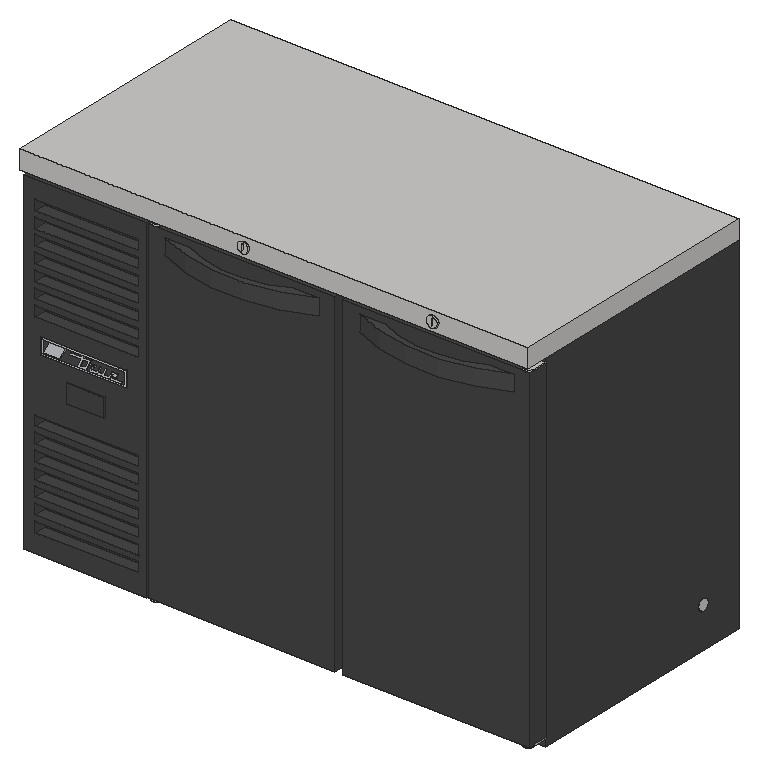
Revit family "QF_TRUE_TBR48-RISZ1-L-B-SS-1", category Specialty Equipment, Revit 2016
Family settings
  Part Type = Normal
  Round Connector Dimension = Use Diameter
  Work Plane-Based = No
  Always vertical = Yes
  Cut with Voids When Loaded = No
  Shared = No
  Room Calculation Point = No
Parameters (values of type "QF_TRUE_TBR48-RISZ1-L-B-SS-1")
  Weight in Pounds = 405
  Watts = if(Phase = 3, Volts * FL Amps * 1.73, Volts * FL Amps)  # 207 W
  Waste Water Discharge Temperature = 0 °F
  Volts = 115 V
  URL Cutsheet = ""
  Steam Supply Volume = 0 GPM
  Steam Supply Size = 0"
  Steam Supply RI Height = 0"
  Steam Supply Minimum Pressure = 0.00 psi
  Steam Supply Maximum Pressure = 0.00 psi
  Steam Supply Connection Height = 0"
  Specification by User = ""
  Specification by Manufacturer = ""
  Show Logo [instance] = yes
  Show Leg Levelers [instance] = no
  Show Clearance [instance] = yes
  Show Standard Unit [instance] = no
  Show Seismic Flange [instance] = no
  Show 6 Inches Legs [instance] = no
  Show 5 Inches Castors [instance] = no
  Show 4 Inches Castors [instance] = no
  Show 3 Inches Castors [instance] = no
  Show 2 Inches Castors [instance] = no
  Show 1 Inch Rollers [instance] = no
  Serial Number = ""
  Seismic Rating = ""
  SMACNA No = ""
  Revision Code = ""
  Plumbing Remarks = ""
  Plumbing Connection Type = ""
  Phase = 1
  Number of Poles = 1
  NAFEM Spec ID Number = ""
  Model = "TBR48-RISZ1-L-B-SS-1"
  Min Ckt Ampacity = 0 A
  Mechanical Remarks = ""
  Mechanical Connection Type = ""
  Max Overcurrent Protection = 0 A
  Masterspec = ""
  Manufacturer = "TRUE"
  Length = 48"
  Item Number = ""
  Installed By = ""
  Indirect Waste Size = 1/2"
  Indirect Waste Flow = 0 GPM
  Indirect Waste Connection Type = ""
  Indirect Waste Connection Height = 0"
  Identify Quantity as Lot = yes
  Height [instance] = if(Show Standard Unit, 34 11/16", if(Show Leg Levelers, 34 15/16", if(Show 1 Inch Rollers, 35 9/16", if(Show 2 Inches Castors, 37 9/16", if(Show 3 Inches Castors, 38 9/16", if(Show 4 Inches Castors, 39 3/4", if(Show 5 Inches Castors, 40 3/4", if(Show 6 Inches Legs, 40 11/16", if(Show Seismic Flange, 40 11/16", 34 11/16")))))))))  # 34 11/16"
  HP = "1/4"
  Furnished By = ""
  Foodservice Equipment Identifier = yes
  FL Amps = 1.8 A
  Electrical Remarks = ""
  Electric Connection Type = ""
  Elec Conn RI Height = 0"
  Elec Conn Connection Height = 0"
  Description = "REACH-IN SINGLE ZONE REFRIGERATOR WITH LEFT SIDE REFRIGERATION SYSTEM. BLACK EXTERIOR AND SOLID SWING DOORS"
  Depth = 26 3/8"
  Cycle = 60 Hz
  Conn Plug = "NEMA 5-15P"
  Conn Conduit = yes
  Condensate Return Size = 1/2"
  Condensate Return RI Height = 0"
  Condensate Return Connection Height = 0"
  CSI MasterFormat = ""
  Apparent Power = if(Phase = 3, Volts * FL Amps * 1.73, Volts * FL Amps)  # 207 VA
Reference planes (in)
  plane 1 "BACK": y = 0
  plane 2: z = 0
  plane 3 "LEFT": x = 0
  plane 4 "RIGHT": x = 48
  plane 5 "FRONT": y = -26.375
  plane 6 "TOP": z = 34.6875
  plane 7 "Center Y": x = 24
  plane 8 "Center X": y = -13.1875
  plane 9: z = 32.9375
  plane 10: z = 0.78125
  plane 11: z = 32.46875
  plane 12: y = -41.59375
  plane 13: y = -24.84375
  plane 14: y = -24.65625
  plane 15: z = 0
  plane 16: x = 4.023
  plane 17: x = 43.977
Dimensions and locks (in)
  equal spacing: plane 3 "LEFT", plane 7 "Center Y", plane 4 "RIGHT"
  "Length": plane 3 "LEFT" to plane 4 "RIGHT"
  equal spacing: plane 5 "FRONT", plane 8 "Center X", plane 1 "BACK"
  "Depth": plane 5 "FRONT" to plane 1 "BACK"
  "Height": plane 6 "TOP" to level
  plane 3 "LEFT" to plane 4 "RIGHT" = 48"
  plane 6 "TOP" to plane 9 = 1 3/4"
  plane 10 to plane 2 = 25/32"
  plane 11 to plane 10 = 31 11/16"
  plane 6 "TOP" to plane 11 = 2 7/32"
  plane 12 to plane 1 "BACK" = 41 19/32"
  plane 5 "FRONT" to plane 1 "BACK" = 26 3/8"
  plane 13 to plane 1 "BACK" = 24 27/32"
  plane 14 to plane 1 "BACK" = 24 21/32"
  plane 1 "BACK" to plane 13 = 24 27/32"
  locked: plane 6 "TOP" to plane 15 at 34.6875
  aligned and locked: level to plane 2
  aligned and locked: plane 3 "LEFT" to nested 2
  aligned and locked: plane 1 "BACK" to nested 2
  aligned and locked: plane 6 "TOP" to nested 2
Nested families (in)
  nested 1: "CASTORS & LEGS" at (4, -4, 0), Show 2 Inches Castors <- "Show 2 Inches Castors", Show 3 Inches Castors <- "Show 3 Inches Castors", Show 4 Inches Castors <- "Show 4 Inches Castors", Show 5 Inches Castors <- "Show 5 Inches Castors", Show Legs <- "Show 6 Inches Legs", Show Legs with Flandge <- "Show Seismic Flange", Show 1 Inch Rollers <- "Show 1 Inch Rollers", Show Leg Levelers <- "Show Leg Levelers", type "CASTORS & LEGS"
    with Type Mark "", Status "", Specification by User "", Show Legs with Flandge no, Show Legs no, Show Leg Levelers no, Show 5 Inches Castors no, Show 4 Inches Castors no, Show 3 Inches Castors no, Show 2 Inches Castors no, Show 1 Inch Rollers no, Revision Code "", Item Number "", Installed By "", Identify Quantity as Lot yes, Furnished By "", Foodservice Equipment Identifier yes
  nested 2: "TBR48-RISZ1-L-B-SS-1" at (0, 0, 0), Show Logo <- "Show Logo", Show Clearance <- "Show Clearance", type "TBR48-RISZ1-L-B-SS-1"
    with Show Logo yes, Show Clearance yes
  nested 3: "CASTORS & LEGS" at (4, -18.75, 0), Show 2 Inches Castors <- "Show 2 Inches Castors", Show 3 Inches Castors <- "Show 3 Inches Castors", Show 4 Inches Castors <- "Show 4 Inches Castors", Show 5 Inches Castors <- "Show 5 Inches Castors", Show Legs <- "Show 6 Inches Legs", Show Legs with Flandge <- "Show Seismic Flange", Show 1 Inch Rollers <- "Show 1 Inch Rollers", Show Leg Levelers <- "Show Leg Levelers", type "CASTORS & LEGS"
    with Type Mark "", Status "", Specification by User "", Show Legs with Flandge no, Show Legs no, Show Leg Levelers no, Show 5 Inches Castors no, Show 4 Inches Castors no, Show 3 Inches Castors no, Show 2 Inches Castors no, Show 1 Inch Rollers no, Revision Code "", Item Number "", Installed By "", Identify Quantity as Lot yes, Furnished By "", Foodservice Equipment Identifier yes
  nested 4: "CASTORS & LEGS" at (43.954, -4, 0), Show 2 Inches Castors <- "Show 2 Inches Castors", Show 3 Inches Castors <- "Show 3 Inches Castors", Show 4 Inches Castors <- "Show 4 Inches Castors", Show 5 Inches Castors <- "Show 5 Inches Castors", Show Legs <- "Show 6 Inches Legs", Show Legs with Flandge <- "Show Seismic Flange", Show 1 Inch Rollers <- "Show 1 Inch Rollers", Show Leg Levelers <- "Show Leg Levelers", type "CASTORS & LEGS"
    with Type Mark "", Status "", Specification by User "", Show Legs with Flandge no, Show Legs no, Show Leg Levelers no, Show 5 Inches Castors no, Show 4 Inches Castors no, Show 3 Inches Castors no, Show 2 Inches Castors no, Show 1 Inch Rollers no, Revision Code "", Item Number "", Installed By "", Identify Quantity as Lot yes, Furnished By "", Foodservice Equipment Identifier yes
  nested 5: "CASTORS & LEGS" at (43.954, -18.75, 0), Show 2 Inches Castors <- "Show 2 Inches Castors", Show 3 Inches Castors <- "Show 3 Inches Castors", Show 4 Inches Castors <- "Show 4 Inches Castors", Show 5 Inches Castors <- "Show 5 Inches Castors", Show Legs <- "Show 6 Inches Legs", Show Legs with Flandge <- "Show Seismic Flange", Show 1 Inch Rollers <- "Show 1 Inch Rollers", Show Leg Levelers <- "Show Leg Levelers", type "CASTORS & LEGS"
    with Type Mark "", Status "", Specification by User "", Show Legs with Flandge no, Show Legs no, Show Leg Levelers no, Show 5 Inches Castors no, Show 4 Inches Castors no, Show 3 Inches Castors no, Show 2 Inches Castors no, Show 1 Inch Rollers no, Revision Code "", Item Number "", Installed By "", Identify Quantity as Lot yes, Furnished By "", Foodservice Equipment Identifier yes
Connectors (in)
  electrical at (6, 0.25, 18), driven by "Volts", driven by "Watts"
    settings: on nested 2, index 5, voltage 115 V, apparent load 207 VA, apparent load phase1 0 VA, apparent load phase2 0 VA, apparent load phase3 0 VA, power factor 1, load classification "Other", number of poles 1, system type 30, power factor state 1, is connector primary yes, connector utility no, sub classification motor no, connector description "ELECTRICAL CONNECTION"
  piping at (38.5, -4.34375, 0), diameter 0.5, driven by "Indirect Waste Size"
    settings: on nested 2, index 6, connector inside diameter 24", connector length 0", flow factor 0, pipe flow 0 GPM, pressure drop 0.00 psi, fitting loss kfactor 0, connector angle 0.00°, fixture units 0, engagement length 0", angle of deflection 0.00°, flow configuration 1, flow direction 2, fitting loss method 0, system type 16, joint type 0, gender type 0, connector reference index -1, connector utility 0, adjustable connector no, is connector primary yes, connector description "DRAIN"
  piping at (16.75, -4.96875, 0), diameter 0.5, driven by "Indirect Waste Size"
    settings: on nested 2, index 7, connector inside diameter 24", connector length 0", flow factor 0, pipe flow 0 GPM, pressure drop 0.00 psi, fitting loss kfactor 0, connector angle 0.00°, fixture units 0, engagement length 0", angle of deflection 0.00°, flow configuration 1, flow direction 2, fitting loss method 0, system type 16, joint type 0, gender type 0, connector reference index -1, connector utility 0, adjustable connector no, is connector primary no, connector description "FLOOR ACCESS"
  piping at (48.125, -4.3125, 3.96875), diameter 0.5, driven by "Condensate Return Size"
    settings: on nested 2, index 8, connector inside diameter 24", connector length 0", flow factor 0, pipe flow 0 GPM, pressure drop 0.00 psi, fitting loss kfactor 0, connector angle 0.00°, fixture units 0, engagement length 0", angle of deflection 0.00°, flow configuration 1, flow direction 1, fitting loss method 0, system type 7, joint type 0, gender type 0, connector reference index -1, connector utility 0, adjustable connector no, is connector primary no, connector description "CONDENSING UNIT"
Definition of nested family "TBR48-RISZ1-L-B-SS-1"
  Parameters (values of type "TBR48-RISZ1-L-B-GG-1")
    Weight in Pounds = 405
    Watts = if(Phase = 3, Volts * FL Amps * 1.73, Volts * FL Amps)  # 207 W
    Waste Water Discharge Temperature = 0 °F
    Volts = 115 V
    URL Cutsheet = ""
    Steam Supply Volume = 0 GPM
    Steam Supply Size = 0"
    Steam Supply RI Height = 0"
    Steam Supply Minimum Pressure = 0.00 psi
    Steam Supply Maximum Pressure = 0.00 psi
    Steam Supply Connection Height = 0"
    Specification by User = ""
    Specification by Manufacturer = ""
    Show Logo [instance] = yes
    Show Clearance [instance] = yes
    Serial Number = ""
    Seismic Rating = ""
    SMACNA No = ""
    Revision Code = ""
    Plumbing Remarks = ""
    Plumbing Connection Type = ""
    Phase = 1
    Number of Poles = 1
    NAFEM Spec ID Number = ""
    Model = "TBR48-RISZ1-L-B-GG-1"
    Min Ckt Ampacity = 0 A
    Mechanical Remarks = ""
    Mechanical Connection Type = ""
    Max Overcurrent Protection = 0 A
    Masterspec = ""
    Manufacturer = "TRUE"
    Length = 48"
    Item Number = ""
    Installed By = ""
    Indirect Waste Size = 1/2"
    Indirect Waste Flow = 0 GPM
    Indirect Waste Connection Type = ""
    Indirect Waste Connection Height = 0"
    Identify Quantity as Lot = yes
    Height = 34 11/16"
    HP = "1/4"
    Furnished By = ""
    Foodservice Equipment Identifier = yes
    FL Amps = 1.8 A
    Electrical Remarks = ""
    Electric Connection Type = ""
    Elec Conn RI Height = 0"
    Elec Conn Connection Height = 0"
    Description = "REACH-IN SINGLE ZONE REFRIGERATOR WITH LEFT SIDE REFRIGERATION SYSTEM. BLACK EXTERIOR AND GLASS SWING DOORS"
    Depth = 26 3/8"
    Cycle = 60 Hz
    Conn Plug = "NEMA 5-15P"
    Conn Conduit = yes
    Condensate Return Size = 1/2"
    Condensate Return RI Height = 0"
    Condensate Return Connection Height = 0"
    CSI MasterFormat = ""
    Apparent Power = if(Phase = 3, Volts * FL Amps * 1.73, Volts * FL Amps)  # 207 VA
  Reference planes (in)
    plane 1 "BACK": y = 0
    plane 2: z = 0
    plane 3 "LEFT": x = 0
    plane 4 "RIGHT": x = 48
    plane 5 "FRONT": y = -26.375
    plane 6 "TOP": z = 34.6875
    plane 7 "Center Y": x = 24
    plane 8 "Center X": y = -13.1875
    plane 9: z = 32.9375
    plane 10: z = 0.78125
    plane 11: z = 32.46875
    plane 12: y = -41.59375
    plane 13: y = -24.84375
    plane 14: y = -24.65625
  Forms (in)
    Extrusion 1, solid
      sketch origin (0, 0, 0) x (0, 1, 0) y (0, 0, 1)
        loop
          line (-24.84375, 34.6875) -> (-24.84375, 32.9375) -> (0, 32.9375) -> (0, 34.6875) -> (-24.84375, 34.6875)
      from 0 to 48
    Extrusion 2, solid
      sketch origin (0, 0, 0) x (1, 0, 0) y (0, 0, 1)
        loop
          line (0, 32.9375) -> (0, 0) -> (48, 0) -> (48, 32.9375) -> (0, 32.9375)
        loop
          line (12, 32.46875) -> (12, 0.78125) -> (47.875, 0.78125) -> (47.875, 32.46875) -> (12, 32.46875)
      from 0 to 22.75
    Extrusion 3, solid
      sketch origin (0, 0, 0) x (-1, 0, 0) y (0, 0, 1)
        loop
          line (-12, 32.46875) -> (-47.875, 32.46875) -> (-47.875, 0.78125) -> (-12, 0.78125) -> (-12, 32.46875)
      from 0 to -2
    Extrusion 4, solid
      sketch origin (0, -22.75, 0) x (1, 0, 0) y (0, 0, 1)
        loop
          line (0.20313, 0.78125) -> (11.79688, 0.78125) -> (11.79688, 32.46875) -> (0.20313, 32.46875) -> (0.20313, 0.78125)
        loop
          line (1.28286, 30.81709) -> (1.28286, 29.81709) -> (11.03286, 29.81709) -> (11.03286, 30.81709) -> (1.28286, 30.81709)
        loop
          line (1.28286, 29.31709) -> (1.28286, 28.31709) -> (11.03286, 28.31709) -> (11.03286, 29.31709) -> (1.28286, 29.31709)
        loop
          line (1.28286, 27.81709) -> (1.28286, 26.81709) -> (11.03286, 26.81709) -> (11.03286, 27.81709) -> (1.28286, 27.81709)
        loop
          line (1.28286, 26.31709) -> (1.28286, 25.31709) -> (11.03286, 25.31709) -> (11.03286, 26.31709) -> (1.28286, 26.31709)
        loop
          line (1.28286, 24.81709) -> (1.28286, 23.81709) -> (11.03286, 23.81709) -> (11.03286, 24.81709) -> (1.28286, 24.81709)
        loop
          line (1.28286, 21.81709) -> (1.28286, 20.81709) -> (11.03286, 20.81709) -> (11.03286, 21.81709) -> (1.28286, 21.81709)
        loop
          line (1.28286, 23.31709) -> (1.28286, 22.31709) -> (11.03286, 22.31709) -> (11.03286, 23.31709) -> (1.28286, 23.31709)
        loop
          line (1.28286, 12.56709) -> (1.28286, 11.56709) -> (11.03286, 11.56709) -> (11.03286, 12.56709) -> (1.28286, 12.56709)
        loop
          line (1.28286, 11.06709) -> (1.28286, 10.06709) -> (11.03286, 10.06709) -> (11.03286, 11.06709) -> (1.28286, 11.06709)
        loop
          line (1.28286, 9.56709) -> (1.28286, 8.56709) -> (11.03286, 8.56709) -> (11.03286, 9.56709) -> (1.28286, 9.56709)
        loop
          line (1.28286, 8.06709) -> (1.28286, 7.06709) -> (11.03286, 7.06709) -> (11.03286, 8.06709) -> (1.28286, 8.06709)
        loop
          line (1.28286, 6.56709) -> (1.28286, 5.56709) -> (11.03286, 5.56709) -> (11.03286, 6.56709) -> (1.28286, 6.56709)
        loop
          line (1.28286, 3.56709) -> (1.28286, 2.56709) -> (11.03286, 2.56709) -> (11.03286, 3.56709) -> (1.28286, 3.56709)
        loop
          line (1.28286, 5.06709) -> (1.28286, 4.06709) -> (11.03286, 4.06709) -> (11.03286, 5.06709) -> (1.28286, 5.06709)
      from 0.125 to 1.90625
    Extrusion 5, solid
      sketch origin (0, -22.75, 0) x (1, 0, 0) y (0, 0, 1)
        loop
          line (12, 0.78125) -> (29.625, 0.78125) -> (29.625, 32.46875) -> (12, 32.46875) -> (12, 0.78125)
        loop
          line (48, 0.78125) -> (48, 32.46875) -> (30.375, 32.46875) -> (30.375, 0.78125) -> (48, 0.78125)
      from 0 to 1.90625
    Extrusion 6, solid
      sketch origin (29, -22.75, 32.46875) x (-1, 0, 0) y (0, -1, 0)
        loop
          arc (15.44956, 1.90625) -> (8.1875, 3.65113) -> (0.92544, 1.90625) r 15.9845
          line (0.92544, 1.90625) -> (3.19585, 1.90625)
          arc (3.19585, 1.90625) -> (8.1875, 3.15287) -> (13.17915, 1.90625) r 10.61701
          line (13.17915, 1.90625) -> (15.44956, 1.90625)
        loop
          arc (-2.92544, 1.90625) -> (-10.1875, 3.65113) -> (-17.44956, 1.90625) r 15.9845
          line (-17.44956, 1.90625) -> (-15.17915, 1.90625)
          arc (-15.17915, 1.90625) -> (-10.1875, 3.15287) -> (-5.19585, 1.90625) r 10.61701
          line (-5.19585, 1.90625) -> (-2.92544, 1.90625)
      from -2.11784 to -0.60631
    Extrusion 7, solid
      sketch origin (0, -24.65625, 0) x (1, 0, 0) y (0, 0, 1)
        loop
          line (4.36462, 16.37472) -> (4.36462, 14.62472) -> (7.86462, 14.62472) -> (7.86462, 16.37472) -> (4.36462, 16.37472)
      from 0 to 0.125
    Extrusion 8, solid
      sketch origin (0, -24.84375, 34.4375) x (0, 0, 1) y (-1, 0, 0)
        loop
          circle (-0.65572, -21.12293) r 0.5
        loop
          line (-0.32569, -21.0603) -> (-0.96744, -21.0603) -> (-0.96744, -21.2) -> (-0.32569, -21.2) -> (-0.32569, -21.0603)
        loop
          circle (-0.65572, -39.02918) r 0.5
        loop
          line (-0.32569, -38.96655) -> (-0.96744, -38.96655) -> (-0.96744, -39.10625) -> (-0.32569, -39.10625) -> (-0.32569, -38.96655)
      from 0 to 0.125
    Extrusion 9, solid
      sketch origin (0, -22.75, 0) x (1, 0, 0) y (0, 0, 1)
        loop
          line (1.28286, 30.81709) -> (1.28286, 29.81709) -> (11.03286, 29.81709) -> (11.03286, 30.81709) -> (1.28286, 30.81709)
        loop
          line (1.28286, 29.31709) -> (1.28286, 28.31709) -> (11.03286, 28.31709) -> (11.03286, 29.31709) -> (1.28286, 29.31709)
        loop
          line (1.28286, 27.81709) -> (1.28286, 26.81709) -> (11.03286, 26.81709) -> (11.03286, 27.81709) -> (1.28286, 27.81709)
        loop
          line (1.28286, 26.31709) -> (1.28286, 25.31709) -> (11.03286, 25.31709) -> (11.03286, 26.31709) -> (1.28286, 26.31709)
        loop
          line (1.28286, 24.81709) -> (1.28286, 23.81709) -> (11.03286, 23.81709) -> (11.03286, 24.81709) -> (1.28286, 24.81709)
        loop
          line (1.28286, 21.81709) -> (1.28286, 20.81709) -> (11.03286, 20.81709) -> (11.03286, 21.81709) -> (1.28286, 21.81709)
        loop
          line (1.28286, 23.31709) -> (1.28286, 22.31709) -> (11.03286, 22.31709) -> (11.03286, 23.31709) -> (1.28286, 23.31709)
        loop
          line (1.28286, 12.56709) -> (1.28286, 11.56709) -> (11.03286, 11.56709) -> (11.03286, 12.56709) -> (1.28286, 12.56709)
        loop
          line (1.28286, 11.06709) -> (1.28286, 10.06709) -> (11.03286, 10.06709) -> (11.03286, 11.06709) -> (1.28286, 11.06709)
        loop
          line (1.28286, 9.56709) -> (1.28286, 8.56709) -> (11.03286, 8.56709) -> (11.03286, 9.56709) -> (1.28286, 9.56709)
        loop
          line (1.28286, 8.06709) -> (1.28286, 7.06709) -> (11.03286, 7.06709) -> (11.03286, 8.06709) -> (1.28286, 8.06709)
        loop
          line (1.28286, 6.56709) -> (1.28286, 5.56709) -> (11.03286, 5.56709) -> (11.03286, 6.56709) -> (1.28286, 6.56709)
        loop
          line (1.28286, 3.56709) -> (1.28286, 2.56709) -> (11.03286, 2.56709) -> (11.03286, 3.56709) -> (1.28286, 3.56709)
        loop
          line (1.28286, 5.06709) -> (1.28286, 4.06709) -> (11.03286, 4.06709) -> (11.03286, 5.06709) -> (1.28286, 5.06709)
      from 0.125 to 0.7394
    Extrusion 10, solid
      sketch origin (48, 0, 0) x (0, 1, 0) y (1, 0, 0)
        loop
          circle (-4.96875, -31.25) r 0.625
        loop
          circle (-4.34375, -9.5) r 0.5
      from 0 to -0.48808
    Extrusion 11, solid
      sketch origin (48, 0, 32.9375) x (0, 0, -1) y (0, 1, 0)
        loop
          circle (28.96875, -4.3125) r 0.5
      from 0 to 0.125
    Extrusion 12, solid
      sketch origin (31, -22.75, 32.46875) x (1, 0, 0) y (0, 1, 0)
        loop
          line (17, -1.45442) -> (17, 0) -> (15.64487, 0) -> (16.12932, -1.58454)
          arc (16.12932, -1.58454) -> (16.62072, -1.8946) -> (17, -1.45442) r 0.44506
        loop
          arc (-19, -1.45442) -> (-18.62072, -1.8946) -> (-18.12932, -1.58454) r 0.44506
          line (-18.12932, -1.58454) -> (-17.64487, 0) -> (-19, 0) -> (-19, -1.45442)
      from 0 to 0.125
    Extrusion 13, solid
      sketch origin (48, -22.75, 0.78125) x (0, 1, 0) y (1, 0, 0)
        loop
          arc (-1.45442, 0) -> (-1.8946, -0.37928) -> (-1.58454, -0.87068) r 0.44506
          line (-1.58454, -0.87068) -> (0, -1.35513) -> (0, 0) -> (-1.45442, 0)
        loop
          line (-1.45442, -36) -> (0, -36) -> (0, -34.64487) -> (-1.58454, -35.12932)
          arc (-1.58454, -35.12932) -> (-1.8946, -35.62072) -> (-1.45442, -36) r 0.44506
      from 0 to 0.125
    Extrusion 14, solid, visible <- "Show Clearance", detail levels coarse
      sketch origin (48, -22.75, 0.78125) x (0, 1, 0) y (1, 0, 0)
        loop
          line (-1.90625, 0) -> (-18.84375, 0)
          arc (-18.84375, 0) -> (-14.15476, -12.44482) -> (-1.90625, -17.625) r 16.86899
          line (-1.90625, -17.625) -> (-1.90625, 0)
        loop
          line (-1.90625, -36) -> (-1.90625, -18.375)
          arc (-1.90625, -18.375) -> (-14.15476, -23.55518) -> (-18.84375, -36) r 16.86899
          line (-18.84375, -36) -> (-1.90625, -36)
      from 0 to -31.6875
    Extrusion 15, solid
      sketch origin (0, 0, 0) x (-1, 0, 0) y (0, 0, 1)
        loop
          line (0, 0) -> (0, 19.4375) -> (-10.96875, 19.4375) -> (-10.96875, 0) -> (0, 0)
      from 0 to 0.125
    Extrusion 16, solid
      sketch origin (0, 0, 0) x (-1, 0, 0) y (0, 0, 1)
        loop
          circle (-6, 18) r 0.5
        loop
          circle (-6, 21.75) r 0.5
      from 0 to 0.25
  Cuts and joins
    joined: Extrusion 15, Extrusion 16
    joined: Extrusion 2, Extrusion 3
  Lines and regions (in)
    symbolic lines
      curve 1: line (0, 0, 0) -> (48, 0, 0)
      curve 2: line (0, -24.84375, 0) -> (0, 0, 0)
      curve 3: line (48, -24.84375, 0) -> (0, -24.84375, 0)
      curve 4: line (48, 0, 0) -> (48, -24.84375, 0)
      curve 5: arc (43.81001, -24.84375, 0) -> (39.1875, -25.90287, 0) -> (34.56499, -24.84375, 0) r 10.61701
      curve 6: arc (32.30546, -24.84375, 0) -> (39.1875, -26.40113, 0) -> (46.06954, -24.84375, 0) r 15.9845
      curve 7: arc (13.93046, -24.84375, 0) -> (20.8125, -26.40113, 0) -> (27.69454, -24.84375, 0) r 15.9845
      curve 8: arc (25.43501, -24.84375, 0) -> (20.8125, -25.90287, 0) -> (16.18999, -24.84375, 0) r 10.61701
      curve 9: arc (29.62491, -24.84375, 0) -> (28.99668, -29.30357, 0) -> (27.21078, -33.4382, 0) r 16.86899
      curve 10: line (12.32476, -24.84375, 0) -> (27.21078, -33.4382, 0)
      curve 11: arc (32.78922, -33.4382, 0) -> (31.00332, -29.30357, 0) -> (30.37509, -24.84375, 0) r 16.86899
      curve 12: line (32.78922, -33.4382, 0) -> (47.67524, -24.84375, 0)
  Dimensions and locks (in)
    equal spacing: plane 3 "LEFT", plane 7 "Center Y", plane 4 "RIGHT"
    "Length": plane 3 "LEFT" to plane 4 "RIGHT"
    equal spacing: plane 5 "FRONT", plane 8 "Center X", plane 1 "BACK"
    "Depth": plane 5 "FRONT" to plane 1 "BACK"
    "Height": plane 6 "TOP" to level
    plane 3 "LEFT" to plane 4 "RIGHT" = 48"
    plane 6 "TOP" to plane 9 = 1 3/4"
    plane 10 to plane 2 = 25/32"
    plane 11 to plane 10 = 31 11/16"
    plane 6 "TOP" to plane 11 = 2 7/32"
    plane 12 to plane 1 "BACK" = 41 19/32"
    plane 5 "FRONT" to plane 1 "BACK" = 26 3/8"
    plane 13 to plane 1 "BACK" = 24 27/32"
    Extrusion 4 to plane 1 "BACK" = 24 21/32"
    plane 14 to plane 1 "BACK" = 24 21/32"
    plane 3 "LEFT" to Extrusion 10 sketch curve = 16 3/4"
    Extrusion 10 sketch curve to plane 1 "BACK" = 4 31/32"
    Extrusion 10 sketch curve to plane 4 "RIGHT" = 9"
    Extrusion 10 sketch curve to plane 1 "BACK" = 4 11/32"
    Extrusion 11 sketch curve to plane 2 = 3 31/32"
    Extrusion 11 sketch curve to plane 1 "BACK" = 4 5/16"
    Extrusion 4 to Extrusion 4 = 11 19/32"
    plane 1 "BACK" to plane 13 = 24 27/32"
    Extrusion 16 sketch curve to plane 3 "LEFT" = 6"
    plane 2 to Extrusion 16 sketch curve = 18 1/2"
    aligned and locked: level to plane 2
  Automatic sketch dimensions
    Extrusion 1 sketch curve to plane 9 = 0"
    Extrusion 1 sketch curve to plane 13 = 0"
    Extrusion 1 sketch curve to plane 1 "BACK" = 0"
    Extrusion 1 sketch curve to plane 6 "TOP" = 0"
    Extrusion 2 sketch curve to level = 0"
    Extrusion 2 sketch curve to plane 3 "LEFT" = 0"
    Extrusion 2 sketch curve to plane 10 = 0"
    Extrusion 2 sketch curve to plane 11 = 0"
    plane 4 "RIGHT" to Extrusion 2 sketch curve = 0"
    Extrusion 2 sketch curve to plane 9 = 0"
    plane 3 "LEFT" to Extrusion 2 sketch curve = 12"
    plane 4 "RIGHT" to Extrusion 2 sketch curve = 1/8"
    Extrusion 3 sketch curve to Extrusion 2 = 0"  (x3)
    Extrusion 2 to Extrusion 3 sketch curve = 0"
    Extrusion 4 sketch curve to Extrusion 2 = 0"  (x2)
    Extrusion 4 sketch curve to Extrusion 2 = 13/64"  (x2)
    Extrusion 4 sketch curve to Extrusion 2 = 1.28286"  (x4)
    Extrusion 4 sketch curve to Extrusion 4 sketch curve = 0"  (x20)
    Extrusion 4 sketch curve to Extrusion 2 = 0.96714"  (x4)
    Extrusion 2 to Extrusion 4 sketch curve = 1.78584"
    Extrusion 4 sketch curve to Extrusion 4 sketch curve = 1"  (x14)
    Extrusion 4 sketch curve to Extrusion 4 sketch curve = 1/2"  (x12)
    Extrusion 4 sketch curve to Extrusion 4 sketch curve = 8 1/4"
    Extrusion 5 sketch curve to Extrusion 2 = 0"  (x6)
    Extrusion 5 sketch curve to Extrusion 5 sketch curve = 3/4"
    Extrusion 5 to Extrusion 6 sketch curve = 0"  (x2)
    Extrusion 6 sketch curve to Extrusion 5 = 0"  (x2)
    Extrusion 6 sketch curve to Extrusion 5 = 16.82456"
    Extrusion 6 sketch curve to Extrusion 6 sketch curve = 2.2704"  (x2)
    Extrusion 6 sketch curve to Extrusion 5 = 9 9/16"
    Extrusion 6 sketch curve to Extrusion 6 sketch curve = 0"  (x2)
    Extrusion 5 to Extrusion 6 sketch curve = 1.55044"
    Extrusion 5 to Extrusion 6 sketch curve = 8 13/16"
    Extrusion 6 sketch curve to Extrusion 5 = 7.46414"  (x2)
    Extrusion 6 sketch curve to Extrusion 6 sketch curve = 4.86923"  (x2)
    Extrusion 4 to Extrusion 7 sketch curve = 3.08176"
    Extrusion 4 to Extrusion 7 sketch curve = 3.16824"
    Extrusion 7 sketch curve to Extrusion 4 = 2.05764"
    Extrusion 7 sketch curve to Extrusion 7 sketch curve = 1 3/4"
    Extrusion 8 sketch curve to Extrusion 1 = 0.53256"  (x2)
    Extrusion 8 sketch curve to Extrusion 8 sketch curve = 0.31172"  (x2)
    Extrusion 8 sketch curve to Extrusion 8 sketch curve = 0.33003"  (x2)
    Extrusion 1 to Extrusion 8 sketch curve = 8.89375"
    Extrusion 8 sketch curve to Extrusion 8 sketch curve = 0.07707"  (x2)
    Extrusion 8 sketch curve to Extrusion 8 sketch curve = 0.1397"  (x2)
    Extrusion 8 sketch curve to Extrusion 8 sketch curve = 17.76655"
    Extrusion 9 sketch curve to Extrusion 2 = 1.28286"  (x4)
    Extrusion 9 sketch curve to Extrusion 9 sketch curve = 0"  (x20)
    Extrusion 9 sketch curve to Extrusion 2 = 0.96714"  (x4)
    Extrusion 2 to Extrusion 9 sketch curve = 1.78584"
    Extrusion 9 sketch curve to Extrusion 9 sketch curve = 1"  (x14)
    Extrusion 9 sketch curve to Extrusion 9 sketch curve = 1/2"  (x12)
    Extrusion 9 sketch curve to Extrusion 9 sketch curve = 8 1/4"
    Extrusion 2 to Extrusion 10 sketch curve = 9 1/2"
    Extrusion 12 sketch curve to Extrusion 5 = 0"  (x2)
    Extrusion 5 to Extrusion 12 sketch curve = 0"
    Extrusion 5 to Extrusion 12 sketch curve = 0.44506"
    Extrusion 5 to Extrusion 12 sketch curve = 0.32171"  (x2)
    Extrusion 12 sketch curve to Extrusion 12 sketch curve = 0.42562"  (x2)
    Extrusion 5 to Extrusion 12 sketch curve = 1.35513"
    Extrusion 5 to Extrusion 12 sketch curve = 17.01987"
    Extrusion 12 sketch curve to Extrusion 12 sketch curve = 0.48444"
    Extrusion 12 sketch curve to Extrusion 12 sketch curve = 1.35513"
    Extrusion 13 sketch curve to Extrusion 5 = 0"  (x3)
    Extrusion 13 sketch curve to Extrusion 5 = 0.45183"  (x2)
    Extrusion 13 sketch curve to Extrusion 5 = 0.32171"  (x2)
    Extrusion 5 to Extrusion 13 sketch curve = 0.44506"
    Extrusion 13 sketch curve to Extrusion 13 sketch curve = 1.35513"
    Extrusion 13 sketch curve to Extrusion 5 = 17.01987"
    Extrusion 13 sketch curve to Extrusion 13 sketch curve = 0.48444"
    Extrusion 13 sketch curve to Extrusion 13 sketch curve = 0.42562"
    Extrusion 14 sketch curve to Extrusion 5 = 0"  (x4)
    Extrusion 5 to Extrusion 14 sketch curve = 0.08547"  (x2)
    Extrusion 14 sketch curve to Extrusion 14 sketch curve = 16.85203"  (x2)
    Extrusion 14 sketch curve to Extrusion 14 sketch curve = 3/4"
    Extrusion 14 sketch curve to Extrusion 14 sketch curve = 16.86877"
    curve 3 to plane 3 "LEFT" = 0"
    plane 12 to curve 9 = 8.15555"
    plane 14 to curve 10 = 3/16"
    curve 7 to plane 13 = 0"  (x2)
    curve 8 to plane 13 = 0"  (x2)
    plane 14 to curve 9 = 3/16"
    plane 14 to curve 11 = 3/16"
    curve 6 to plane 13 = 0"  (x2)
    curve 5 to plane 13 = 0"  (x2)
    curve 4 to plane 4 "RIGHT" = 0"
    curve 3 to plane 13 = 0"
    plane 14 to curve 12 = 3/16"
    plane 1 "BACK" to curve 2 = 0"
    plane 14 to curve 9 = 0.08547"
    curve 9 to plane 7 "Center Y" = 11.24377"
    curve 8 to plane 7 "Center Y" = 3 3/16"
    curve 7 to plane 7 "Center Y" = 3 3/16"
    plane 7 "Center Y" to curve 12 = 8.78922"
    curve 5 to plane 8 "Center X" = 2.09836"
    plane 4 "RIGHT" to curve 5 = 8 13/16"
    curve 6 to curve 5 = 0"
    plane 14 to curve 11 = 0.08547"
    plane 4 "RIGHT" to curve 11 = 0.75623"
    plane 5 "FRONT" to curve 12 = 7.0632"
    curve 8 to plane 8 "Center X" = 2.09836"
    plane 8 "Center X" to curve 6 = 2.77087"
    plane 8 "Center X" to curve 7 = 2.77087"
    curve 10 to curve 9 = 0.43147"
    curve 9 to curve 7 = 1.17423"
    curve 7 to curve 8 = 2.25953"
    curve 11 to curve 6 = 1.93037"
    curve 6 to curve 5 = 2.25953"
    curve 10 to curve 11 = 5.57844"
    plane 4 "RIGHT" to curve 12 = 0.32476"
    Extrusion 15 sketch curve to Extrusion 2 = 0"
    Extrusion 2 to Extrusion 15 sketch curve = 0"
    Extrusion 15 sketch curve to Extrusion 2 = 1 1/32"
    Extrusion 2 to Extrusion 15 sketch curve = 18 21/32"
    Extrusion 16 sketch curve to Extrusion 16 sketch curve = 0"
    Extrusion 2 to Extrusion 16 sketch curve = 14 15/32"
    Extrusion 16 sketch curve to Extrusion 16 sketch curve = 3 3/4"
    Extrusion 2 to Extrusion 5 sketch curve = 17 5/8"
    radius of Extrusion 8 sketch curve = 1/2"  (x2)
    radius of Extrusion 10 sketch curve = 5/8"
    radius of Extrusion 11 sketch curve = 1/2"
    radius of Extrusion 16 sketch curve = 1/2"
  Nested families (in)
    nested 1: "QF_LOGO_TRUE" at (1.85445, -24.65625, 17.85445), visible <- "Show Logo", type "QF_LOGO_TRUE", detail levels medium+fine
      with Show Logo yes
  Connectors (in)
    electrical at (6, 0.25, 18)
      settings: on cut or joined group of Extrusion 15, Extrusion 16, index 1, voltage 0 V, apparent load 0 VA, apparent load phase1 0 VA, apparent load phase2 0 VA, apparent load phase3 0 VA, power factor 1, load classification none, number of poles 1, system type 31, power factor state 1, is connector primary yes, connector utility no, sub classification motor no, connector description ""
    piping at (38.5, -4.34375, 0), diameter 0.5
      settings: on Extrusion 10, index 2, connector inside diameter 24", connector length 0", flow factor 0, pipe flow 0 GPM, pressure drop 0.00 psi, fitting loss kfactor 0, connector angle 0.00°, fixture units 0, engagement length 0", angle of deflection 0.00°, flow configuration 0, flow direction 0, fitting loss method 0, system type 19, joint type 0, gender type 0, connector reference index -1, connector utility 0, adjustable connector no, is connector primary yes, connector description ""
    piping at (16.75, -4.96875, 0), diameter 1
      settings: on Extrusion 10, index 3, connector inside diameter 24", connector length 0", flow factor 0, pipe flow 0 GPM, pressure drop 0.00 psi, fitting loss kfactor 0, connector angle 0.00°, fixture units 0, engagement length 0", angle of deflection 0.00°, flow configuration 0, flow direction 0, fitting loss method 0, system type 19, joint type 0, gender type 0, connector reference index -1, connector utility 0, adjustable connector no, is connector primary no, connector description ""
    piping at (48.125, -4.3125, 3.96875), diameter 0.5
      settings: on Extrusion 11, index 4, connector inside diameter 24", connector length 0", flow factor 0, pipe flow 0 GPM, pressure drop 0.00 psi, fitting loss kfactor 0, connector angle 0.00°, fixture units 0, engagement length 0", angle of deflection 0.00°, flow configuration 0, flow direction 0, fitting loss method 0, system type 19, joint type 0, gender type 0, connector reference index -1, connector utility 0, adjustable connector no, is connector primary no, connector description ""
  Definition of nested family "QF_LOGO_TRUE"
    Parameters (values of type "QF_LOGO_TRUE")
      Show Logo [instance] = yes
    Reference planes (in)
      plane 1 "Center (Front/Back)": y = 0
      plane 2: z = 0
      plane 3 "Center (Left/Right)": x = 0
    Forms (in)
      Extrusion 1, solid, visible <- "Show Logo"
        sketch origin (-78.34647, 34.76905, -30.51001) x (1, 0, 0) y (0, 0, 1)
          loop
            line (81.15226, 31.65456) -> (81.07353, 31.48573) -> (82.12083, 31.48573)
            arc (82.12083, 31.48573) -> (82.14208, 31.44814) -> (82.12083, 31.41055) r 0.04386
            line (82.12083, 31.41055) -> (81.84767, 30.82478)
            arc (81.84767, 30.82478) -> (81.84531, 30.77052) -> (81.882, 30.73048) r 0.07096
            line (81.882, 30.73048) -> (82.55165, 30.73048)
            arc (82.55165, 30.73048) -> (82.63621, 30.75714) -> (82.69019, 30.82748) r 0.14742
            line (82.69019, 30.82748) -> (82.90515, 31.28847) -> (83.10265, 31.28847)
            arc (83.10265, 31.28847) -> (83.15447, 31.26942) -> (83.14697, 31.21472) r 0.04405
            line (83.14697, 31.21472) -> (82.9671, 30.82899)
            arc (82.9671, 30.82899) -> (82.9699, 30.76493) -> (83.02398, 30.73048) r 0.06943
            line (83.02398, 30.73048) -> (83.6124, 30.73048)
            arc (83.6124, 30.73048) -> (83.65748, 30.74689) -> (83.68147, 30.78844) r 0.07014
            arc (83.68147, 30.78844) -> (83.69845, 30.74745) -> (83.73943, 30.73048) r 0.05796
            line (83.73943, 30.73048) -> (84.112, 30.73048)
            arc (84.112, 30.73048) -> (84.15504, 30.74201) -> (84.18655, 30.77352) r 0.08608
            arc (84.18655, 30.77352) -> (84.20164, 30.7371) -> (84.23806, 30.72202) r 0.0515
            line (84.23806, 30.72202) -> (84.76757, 30.72202)
            arc (84.76757, 30.72202) -> (84.81086, 30.73995) -> (84.8288, 30.78324) r 0.06122
            arc (84.8288, 30.78324) -> (84.86848, 30.74355) -> (84.92269, 30.72903) r 0.10842
            line (84.92269, 30.72903) -> (85.91461, 30.72903) -> (86.02479, 30.91987) -> (85.0243, 30.91987)
            arc (85.0243, 30.91987) -> (84.99669, 30.93902) -> (84.99566, 30.97261) r 0.03732
            line (84.99566, 30.97261) -> (85.01297, 31.00972)
            arc (85.01297, 31.00972) -> (85.03954, 31.04453) -> (85.0813, 31.05774) r 0.07263
            line (85.0813, 31.05774) -> (85.40289, 31.05774)
            arc (85.40289, 31.05774) -> (85.4723, 31.07633) -> (85.52311, 31.12715) r 0.13882
            line (85.52311, 31.12715) -> (85.61625, 31.28847)
            arc (85.61625, 31.28847) -> (85.61625, 31.37458) -> (85.54168, 31.41763) r 0.08611
            line (85.54168, 31.41763) -> (85.20227, 31.41763)
            arc (85.20227, 31.41763) -> (85.11574, 31.40294) -> (85.05538, 31.33923) r 0.13863
            line (85.05538, 31.33923) -> (84.89409, 30.99333)
            arc (84.89409, 30.99333) -> (84.84649, 30.9313) -> (84.77191, 30.90778) r 0.13002
            line (84.77191, 30.90778) -> (84.41984, 30.90778)
            arc (84.41984, 30.90778) -> (84.3777, 30.95378) -> (84.38042, 31.0161) r 0.08151
            line (84.38042, 31.0161) -> (84.56766, 31.41763) -> (84.44849, 31.41763) -> (84.25012, 30.99222)
            arc (84.25012, 30.99222) -> (84.21158, 30.94199) -> (84.15119, 30.92296) r 0.10527
            line (84.15119, 30.92296) -> (83.90842, 30.92296)
            arc (83.90842, 30.92296) -> (83.8674, 30.97642) -> (83.87619, 31.04323) r 0.08805
            line (83.87619, 31.04323) -> (84.05078, 31.41763) -> (83.92772, 31.41763) -> (83.72676, 30.98668)
            arc (83.72676, 30.98668) -> (83.68011, 30.94003) -> (83.61639, 30.92296) r 0.12745
            line (83.61639, 30.92296) -> (83.26484, 30.92296)
            arc (83.26484, 30.92296) -> (83.2017, 30.9524) -> (83.19563, 31.0218) r 0.06967
            line (83.19563, 31.0218) -> (83.31118, 31.26961) -> (83.47452, 31.26961)
            arc (83.47452, 31.26961) -> (83.50209, 31.35268) -> (83.56075, 31.41763) r 0.21289
            line (83.56075, 31.41763) -> (82.92244, 31.41763)
            arc (82.92244, 31.41763) -> (82.85151, 31.40191) -> (82.80242, 31.34834) r 0.12081
            line (82.80242, 31.34834) -> (82.6294, 30.9773)
            arc (82.6294, 30.9773) -> (82.58962, 30.93752) -> (82.53528, 30.92296) r 0.10869
            line (82.53528, 30.92296) -> (82.1542, 30.92296)
            arc (82.1542, 30.92296) -> (82.12446, 30.96315) -> (82.13012, 31.01283) r 0.06822
            line (82.13012, 31.01283) -> (82.38156, 31.48573) -> (83.01596, 31.48573) -> (83.09469, 31.65456) -> (82.46029, 31.65456) -> (82.53902, 31.8234) -> (82.31334, 31.8234) -> (82.23461, 31.65456) -> (81.15226, 31.65456)
          loop
            arc (85.15937, 31.26434) -> (85.13191, 31.25698) -> (85.1118, 31.23688) r 0.05494
            line (85.1118, 31.23688) -> (85.09547, 31.18665)
            arc (85.09547, 31.18665) -> (85.10304, 31.16837) -> (85.12133, 31.16079) r 0.02586
            line (85.12133, 31.16079) -> (85.39889, 31.16079)
            arc (85.39889, 31.16079) -> (85.41888, 31.16523) -> (85.43513, 31.1777) r 0.04731
            line (85.43513, 31.1777) -> (85.44863, 31.2402)
            arc (85.44863, 31.2402) -> (85.44466, 31.25693) -> (85.42914, 31.26434) r 0.01994
            line (85.42914, 31.26434) -> (85.15937, 31.26434)
          loop
            line (78.62961, 30.74125) -> (80.12032, 30.74125) -> (80.73891, 31.81268) -> (79.2482, 31.81268) -> (78.62961, 30.74125)
        from 34.76797 to 34.83173
      Extrusion 2, solid, visible <- "Show Logo"
        sketch origin (-142.84857, 34.75108, -33.3546) x (1, 0, 0) y (0, 0, 1)
          loop
            line (150.81107, 34.71978) -> (142.98607, 34.71978) -> (142.98607, 33.4921) -> (150.81107, 33.4921) -> (150.81107, 34.71978)
        from 34.75108 to 34.78125
      Extrusion 3, solid, visible <- "Show Logo"
        sketch origin (-142.84857, 34.75108, -33.3546) x (1, 0, 0) y (0, 0, 1)
          loop
            line (150.94857, 34.85727) -> (142.84857, 34.85727) -> (142.84857, 33.3546) -> (150.94857, 33.3546) -> (150.94857, 34.85727)
          loop
            line (142.98607, 34.71978) -> (142.98607, 33.4921) -> (150.81107, 33.4921) -> (150.81107, 34.71978) -> (142.98607, 34.71978)
        from 34.75108 to 34.81376
      Extrusion 4, solid, not visible
        sketch origin (121.45701, -16.5, 4.98235) x (1, 0, 0) y (0, 0, 1)
          loop
            line (25.20115, 35.89949) -> (25.20115, 33.96647) -> (30.95381, 33.96647) -> (30.95381, 35.89949) -> (25.20115, 35.89949)
        from 31.5 to 31.54261
      Extrusion 5, solid, not visible
        sketch origin (121.45701, -16.5, 4.98235) x (1, 0, 0) y (0, 0, 1)
          loop
            line (26.7387, 34.95472) -> (26.61492, 34.49276) -> (27.038, 34.49276)
            arc (27.038, 34.49276) -> (27.13117, 34.52484) -> (27.18485, 34.60749) r 0.15134
            arc (27.18485, 34.60749) -> (27.20396, 34.68138) -> (27.22435, 34.75493) r 4.37326
            arc (27.22435, 34.75493) -> (27.23458, 34.81765) -> (27.22435, 34.88037) r 0.1974
            arc (27.22435, 34.88037) -> (27.18247, 34.93579) -> (27.11563, 34.95472) r 0.10914
            line (27.11563, 34.95472) -> (26.7387, 34.95472)
          loop
            line (26.90201, 34.80638) -> (26.84645, 34.59903) -> (26.92855, 34.59903)
            arc (26.92855, 34.59903) -> (26.98205, 34.6185) -> (27.01051, 34.6678) r 0.08322
            line (27.01051, 34.6678) -> (27.02399, 34.74424)
            arc (27.02399, 34.74424) -> (27.01491, 34.78454) -> (26.97985, 34.80638) r 0.05353
            line (26.97985, 34.80638) -> (26.90201, 34.80638)
          loop
            line (27.45336, 34.66131) -> (27.76233, 34.66131) -> (27.78859, 34.73909)
            arc (27.78859, 34.73909) -> (27.7878, 34.82039) -> (27.73107, 34.87864) r 0.10925
            arc (27.73107, 34.87864) -> (27.68233, 34.8944) -> (27.63139, 34.89974) r 0.24595
            line (27.63139, 34.89974) -> (27.46708, 34.89974)
            arc (27.46708, 34.89974) -> (27.4068, 34.88073) -> (27.3535, 34.84677) r 0.2421
            arc (27.3535, 34.84677) -> (27.2897, 34.76363) -> (27.26702, 34.66131) r 0.2421
            line (27.26702, 34.66131) -> (27.26702, 34.54477)
            arc (27.26702, 34.54477) -> (27.31618, 34.4956) -> (27.38334, 34.47761) r 0.13431
            line (27.38334, 34.47761) -> (27.59054, 34.47761)
            arc (27.59054, 34.47761) -> (27.63459, 34.48281) -> (27.67622, 34.49812) r 0.18924
            line (27.67622, 34.49812) -> (27.73102, 34.61563)
            arc (27.73102, 34.61563) -> (27.68453, 34.59565) -> (27.63566, 34.58252) r 0.35376
            arc (27.63566, 34.58252) -> (27.55885, 34.56956) -> (27.48204, 34.58252) r 0.23415
            arc (27.48204, 34.58252) -> (27.44492, 34.61362) -> (27.45336, 34.66131) r 0.04838
          loop
            line (27.4842, 34.73042) -> (27.62012, 34.73042) -> (27.62621, 34.76496)
            arc (27.62621, 34.76496) -> (27.58961, 34.80242) -> (27.53739, 34.80638) r 0.0742
            arc (27.53739, 34.80638) -> (27.49747, 34.77773) -> (27.4842, 34.73042) r 0.0742
          loop
            line (27.91616, 34.97572) -> (27.78675, 34.49276) -> (27.98645, 34.49276) -> (28.11586, 34.97572) -> (27.91616, 34.97572)
          loop
            line (28.13678, 34.66131) -> (28.08755, 34.47761) -> (28.27134, 34.47761) -> (28.32056, 34.66131) -> (28.43674, 34.66131) -> (28.47974, 34.78864) -> (28.36519, 34.78864)
            arc (28.36519, 34.78864) -> (28.35733, 34.81649) -> (28.36921, 34.84288) r 0.04231
            arc (28.36921, 34.84288) -> (28.431, 34.8652) -> (28.49617, 34.85686) r 0.13988
            line (28.49617, 34.85686) -> (28.53544, 34.97317)
            arc (28.53544, 34.97317) -> (28.39725, 34.99096) -> (28.25905, 34.97317) r 0.54546
            arc (28.25905, 34.97317) -> (28.20849, 34.91994) -> (28.18197, 34.85147) r 0.1894
            line (28.18197, 34.85147) -> (28.17089, 34.78864) -> (28.11397, 34.78864) -> (28.07985, 34.66131) -> (28.13678, 34.66131)
          loop
            arc (28.74846, 34.89756) -> (28.65884, 34.88533) -> (28.56922, 34.89756) r 0.33455
            line (28.56922, 34.89756) -> (28.45669, 34.47761) -> (28.63593, 34.47761) -> (28.74846, 34.89756)
          loop
            arc (28.60398, 35.01195) -> (28.57699, 34.97173) -> (28.60398, 34.9315) r 0.04347
            line (28.60398, 34.9315) -> (28.75755, 34.9315)
            arc (28.75755, 34.9315) -> (28.78645, 34.96687) -> (28.77911, 35.01195) r 0.0556
            line (28.77911, 35.01195) -> (28.60398, 35.01195)
          loop
            line (28.95336, 34.66131) -> (29.26233, 34.66131) -> (29.28859, 34.73909)
            arc (29.28859, 34.73909) -> (29.2878, 34.82039) -> (29.23107, 34.87864) r 0.10925
            arc (29.23107, 34.87864) -> (29.18233, 34.8944) -> (29.13139, 34.89974) r 0.24595
            line (29.13139, 34.89974) -> (28.96708, 34.89974)
            arc (28.96708, 34.89974) -> (28.9068, 34.88073) -> (28.8535, 34.84677) r 0.2421
            arc (28.8535, 34.84677) -> (28.7897, 34.76363) -> (28.76702, 34.66131) r 0.2421
            line (28.76702, 34.66131) -> (28.76702, 34.54477)
            arc (28.76702, 34.54477) -> (28.81618, 34.4956) -> (28.88334, 34.47761) r 0.13431
            line (28.88334, 34.47761) -> (29.09054, 34.47761)
            arc (29.09054, 34.47761) -> (29.13459, 34.48281) -> (29.17622, 34.49812) r 0.18924
            line (29.17622, 34.49812) -> (29.23102, 34.61563)
            arc (29.23102, 34.61563) -> (29.18453, 34.59565) -> (29.13566, 34.58252) r 0.35376
            arc (29.13566, 34.58252) -> (29.05885, 34.56956) -> (28.98204, 34.58252) r 0.23415
            arc (28.98204, 34.58252) -> (28.94492, 34.61362) -> (28.95336, 34.66131) r 0.04838
          loop
            line (28.9842, 34.73042) -> (29.12012, 34.73042) -> (29.12621, 34.76496)
            arc (29.12621, 34.76496) -> (29.08961, 34.80242) -> (29.03739, 34.80638) r 0.0742
            arc (29.03739, 34.80638) -> (28.99747, 34.77773) -> (28.9842, 34.73042) r 0.0742
          loop
            line (29.41616, 34.97572) -> (29.28675, 34.49276) -> (29.48645, 34.49276) -> (29.61586, 34.97572) -> (29.41616, 34.97572)
          loop
            line (29.99836, 34.97572) -> (29.95192, 34.80242)
            arc (29.95192, 34.80242) -> (29.94473, 34.85705) -> (29.90102, 34.89059) r 0.07199
            arc (29.90102, 34.89059) -> (29.80023, 34.89941) -> (29.70251, 34.87322) r 0.29131
            arc (29.70251, 34.87322) -> (29.61806, 34.7652) -> (29.5896, 34.63108) r 0.30433
            line (29.5896, 34.63108) -> (29.5896, 34.55572)
            arc (29.5896, 34.55572) -> (29.61075, 34.50463) -> (29.66184, 34.48348) r 0.07224
            line (29.66184, 34.48348) -> (29.78537, 34.48348)
            arc (29.78537, 34.48348) -> (29.83854, 34.51313) -> (29.88504, 34.55243) r 0.31609
            line (29.88504, 34.55243) -> (29.86905, 34.49276) -> (30.05973, 34.49276) -> (30.18914, 34.97572) -> (29.99836, 34.97572)
          loop
            arc (29.84537, 34.75931) -> (29.79424, 34.71128) -> (29.77745, 34.64317) r 0.12371
            arc (29.77745, 34.64317) -> (29.80071, 34.59901) -> (29.85056, 34.59647) r 0.05045
            arc (29.85056, 34.59647) -> (29.90141, 34.64047) -> (29.92536, 34.7033) r 0.13769
            arc (29.92536, 34.7033) -> (29.90211, 34.75521) -> (29.84537, 34.75931) r 0.05543
          loop
            line (26.45047, 35.26762) -> (26.58211, 35.26762)
            arc (26.58211, 35.26762) -> (26.60467, 35.30821) -> (26.62126, 35.35157) r 0.3277
            arc (26.62126, 35.35157) -> (26.62714, 35.39992) -> (26.60877, 35.44503) r 0.09693
            arc (26.60877, 35.44503) -> (26.56454, 35.48868) -> (26.50462, 35.50516) r 0.12312
            arc (26.50462, 35.50516) -> (26.44158, 35.50565) -> (26.37854, 35.50546) r 5.76967
            arc (26.37854, 35.50546) -> (26.07462, 35.42923) -> (25.81045, 35.26076) r 0.97743
            line (25.81045, 35.26076) -> (25.85921, 35.26076)
            arc (25.85921, 35.26076) -> (26.08494, 35.39361) -> (26.3396, 35.45485) r 0.88817
            arc (26.3396, 35.45485) -> (26.41429, 35.44188) -> (26.47267, 35.39352) r 0.14748
            arc (26.47267, 35.39352) -> (26.48041, 35.32725) -> (26.45047, 35.26762) r 0.11636
          loop
            arc (26.35412, 35.17841) -> (26.19578, 35.0555) -> (26.00982, 34.98069) r 0.72453
            arc (26.00982, 34.98069) -> (25.9036, 34.95581) -> (25.79459, 34.9604) r 0.40201
            arc (25.79459, 34.9604) -> (25.7275, 34.98819) -> (25.69972, 35.05528) r 0.09488
            arc (25.69972, 35.05528) -> (25.71867, 35.12629) -> (25.77049, 35.17841) r 0.1425
            line (25.77049, 35.17841) -> (25.73665, 35.18748)
            arc (25.73665, 35.18748) -> (25.67632, 35.09876) -> (25.66924, 34.99171) r 0.20432
            arc (25.66924, 34.99171) -> (25.71443, 34.9227) -> (25.79473, 34.90384) r 0.11116
            arc (25.79473, 34.90384) -> (25.91172, 34.89904) -> (26.02716, 34.91862) r 0.56145
            arc (26.02716, 34.91862) -> (26.27675, 35.021) -> (26.49584, 35.17841) r 1.15683
            line (26.49584, 35.17841) -> (26.35412, 35.17841)
        from 31.54261 to 31.56272
    Dimensions and locks (in)
      aligned and locked: level to plane 2
      aligned and locked: Extrusion 2 to Extrusion 3  (x2)
      aligned and locked: Extrusion 2 sketch curve to Extrusion 3
Definition of nested family "CASTORS & LEGS"
  Parameters (values of type "CASTORS & LEGS")
    Weight = ""
    URL Manufacturer = ""
    URL Cutsheet = ""
    URL = ""
    Type Mark [instance] = ""
    Status [instance] = ""
    Specification by User [instance] = ""
    Specification by Manufacturer = ""
    Show Legs with Flandge [instance] = yes
    Show Legs [instance] = yes
    Show Leg Levelers [instance] = yes
    Show 1 Inch Rollers [instance] = yes
    Show 5 Inches Castors [instance] = yes
    Show 4 Inches Castors [instance] = yes
    Show 3 Inches Castors [instance] = yes
    Show 2 Inches Castors [instance] = yes
    Serial Number = ""
    Seismic Rating = ""
    SMACNA No = ""
    Revision Code [instance] = ""
    Omniclass Number and Title = ""
    NAFEM Spec ID Number = ""
    Model = ""
    MasterSpec. = ""
    Manufacturer = ""
    Item Number [instance] = ""
    Installed By [instance] = ""
    Identify Quantity as Lot [instance] = yes
    Furnished By [instance] = ""
    Foodservice Equipment Identifier [instance] = yes
    Description = ""
    CSI MasterFormat = ""
    CSI Master Format = ""
    Assembly Code = ""
  Reference planes (in)
    plane 1: z = 0
    plane 2 "RIGHT": x = 0
    plane 3 "FRONT": y = 0
    plane 4 "TOP": z = 4
    plane 5: z = 5.75
    plane 6: z = 6
    plane 7: z = 0.875
  Forms (in)
    Revolve 1, solid, visible <- "Show Legs"
      sketch origin (11.12172, 0, 0) x (-1, 0, 0) y (0, 0, -1)
        loop
          line (11.12172, -6) -> (11.12172, 0) -> (10.62172, 0) -> (10.62172, -0.5) -> (10.37172, -0.5) -> (10.37172, -6) -> (11.12172, -6)
        axis (11.12172, 0) -> (11.12172, -6)
      angle from 0 to 360
    Revolve 2, solid, visible <- "Show Legs with Flandge"
      sketch origin (11.12172, 0, 0) x (-1, 0, 0) y (0, 0, -1)
        loop
          line (11.12172, -6) -> (11.12172, 0) -> (9.87172, 0) -> (9.87172, -0.25) -> (10.62172, -0.25) -> (10.62172, -0.5) -> (10.37172, -0.5) -> (10.37172, -6) -> (11.12172, -6)
        axis (11.12172, 0) -> (11.12172, -6)
      angle from 0 to 360
    Extrusion 3, solid, visible <- "Show Leg Levelers"
      sketch origin (0, 0, 0) x (1, 0, 0) y (0, 1, 0)
        loop
          circle (0, 0) r 0.75
      from 0 to 0.25
  Dimensions and locks (in)
    plane 4 "TOP" to level = 4"  (x2)
    locked: Revolve 1 sketch curve to Revolve 1 sketch curve at 0.5
    locked: Revolve 1 sketch curve to Revolve 1 sketch curve at 0.75
    locked: Revolve 2 sketch curve to Revolve 2 sketch curve at 0.75
    plane 5 to level = 5 3/4"
    plane 6 to plane 1 = 6"
    nested 1 to plane 1 = 3 1/8"
    nested 3 to level = 5"
    aligned and locked: level to plane 1
  Nested families (in)
    nested 1: "3 INCHES 01_CASTER" at (0, 0, 0), visible <- "Show 2 Inches Castors", type "3 INCHES 01_CASTER"
      with Type Mark "", Specification by User "", Revision Code "", Item Number "", Installed By "", Identify Quantity as Lot yes, Furnished By "", Foodservice Equipment Identifier yes, 3 Inches Caster yes
    nested 2: "HATCO_4 INCHES_CASTER" at (0, -0.75, 0), Show 4 Inches Caster <- "Show 3 Inches Castors", type "HATCO_4 INCHES_CASTER"
      with Type Mark "", Specification by User "", Show 4 Inches Caster yes, Revision Code "", Item Number "", Installed By "", Identify Quantity as Lot yes, Furnished By "", Foodservice Equipment Identifier yes
    nested 3: "5 INCHES 01_CASTER" at (0, 0, 0), visible <- "Show 4 Inches Castors", type "5 INCHES 01_CASTER"
      with Type Mark "", Specification by User "", Show 5" Casters yes, Revision Code "", Key Locks yes, Item Number "", Installed By "", Identify Quantity as Lot yes, Furnished By "", Foodservice Equipment Identifier yes
    nested 4: "7-8 INCHES_CASTER" at (0, 0, 0), visible <- "Show 1 Inch Rollers", type "7-8 INCHES_CASTER"
      with Type Mark "", Specification by User "", Revision Code "", Item Number "", Installed By "", Identify Quantity as Lot yes, Furnished By "", Foodservice Equipment Identifier yes, 2.5 Inches Caster yes
    nested 5: "6 INCHES 02_CASTER" at (0, 0, 0), visible <- "Show 5 Inches Castors", Show Casters <- "Show 5 Inches Castors", type "6 INCHES 02_CASTER"
      with Type Mark "", Specification by User "", Show Casters yes, Revision Code "", Item Number "", Installed By "", Identify Quantity as Lot yes, Furnished By "", Foodservice Equipment Identifier yes
  Definition of nested family "3 INCHES 01_CASTER"
    Parameters (values of type "3 INCHES 01_CASTER")
      Weight = ""
      URL Manufacturer = ""
      URL Cutsheet = ""
      URL = ""
      Type Mark [instance] = ""
      Specification by User [instance] = ""
      Specification by Manufacturer = ""
      Serial Number = ""
      Seismic Rating = ""
      SMACNA No = ""
      Revision Code [instance] = ""
      Omniclass Number and Title = ""
      NAFEM Spec ID Number = ""
      Model = ""
      MasterSpec. = ""
      Manufacturer = ""
      Item Number [instance] = ""
      Installed By [instance] = ""
      Identify Quantity as Lot [instance] = yes
      Furnished By [instance] = ""
      Foodservice Equipment Identifier [instance] = yes
      Description = ""
      CSI MasterFormat = ""
      CSI Master Format = ""
      Assembly Code = ""
      3 Inches Caster [instance] = yes
    Reference planes (in)
      plane 1: z = 0
      plane 2 "RIGHT": x = 0
      plane 3 "FRONT": y = 0
      plane 4 "TOP": z = 3.125
    Forms (in)
      Revolve 1, solid, visible <- "3 Inches Caster"
        sketch origin (-1.93794, 0.56004, -1.0041) x (1, 0, 0) y (0, 0, 1)
          loop
            line (0.74055, 2.11347) -> (0.74055, 2.03797) -> (0.79055, 1.98797) -> (0.85055, 1.98797) -> (0.85055, 1.8679) -> (1.235, 1.8679) -> (1.235, 1.7068) -> (1.36441, 1.63209) -> (1.4003, 1.41035) -> (1.34375, 1.41035) -> (1.34375, 1.28535) -> (1.375, 1.28535) -> (1.375, 1.0041) -> (2.48438, 1.0041) -> (2.48438, 1.28535) -> (2.51563, 1.28535) -> (2.51563, 1.41035) -> (2.45908, 1.41035) -> (2.49553, 1.6356) -> (2.62438, 1.70999) -> (2.62438, 1.8679) -> (3.04007, 1.8679) -> (3.04007, 1.98797) -> (3.10007, 1.98797) -> (3.15007, 2.03797) -> (3.15007, 2.11347) -> (0.74055, 2.11347)
          axis (0.74055, 2.11347) -> (3.15007, 2.11347)
        angle from 0 to 360
      Extrusion 2, solid, visible <- "3 Inches Caster"
        sketch origin (-1.93794, 1.35294, -3.2541) x (0, 1, 0) y (0, 0, 1)
          loop
            line (-0.41094, 5.86793) -> (-0.41094, 6.01276) -> (-2.29494, 6.01276) -> (-2.29494, 5.71244) -> (-1.82301, 5.71244)
            arc (-1.82301, 5.71244) -> (-1.00307, 5.59865) -> (-0.19592, 5.41488) r 9.6332
            arc (-0.19592, 5.41488) -> (0.12646, 5.29481) -> (0.42224, 5.11916) r 1.92059
            line (0.42224, 5.11916) -> (0.51314, 5.245)
            arc (0.51314, 5.245) -> (0.27353, 5.42569) -> (0.01201, 5.5729) r 2.25036
            line (0.01201, 5.5729) -> (0.09371, 5.71426)
            arc (0.09371, 5.71426) -> (-0.15272, 5.81043) -> (-0.41094, 5.86793) r 1.73151
        from 1.17357 to 2.70231
      Revolve 3, solid, visible <- "3 Inches Caster"
        sketch origin (0, 1.73858, -3.25) x (0, 1, 0) y (0, 0, 1)
          loop
            line (-1.73858, 6.375) -> (-1.73858, 6.00866) -> (-0.93293, 6.00866) -> (-0.93293, 6.375) -> (-1.73858, 6.375)
          axis (-1.73858, 6.00866) -> (-1.73858, 6.375)
        angle from 0 to 360
      Extrusion 4, solid, visible <- "3 Inches Caster"
        sketch origin (-1.98481, 1.35294, -1.7541) x (0, 1, 0) y (0, 0, 1)
          loop
            line (-2.29494, 4.51276) -> (-2.29494, 4.21244) -> (-2.2074, 4.21244)
            arc (-2.2074, 4.21244) -> (-1.58796, 3.87196) -> (-1.3103, 3.22193) r 1.0835
            arc (-1.3103, 3.22193) -> (-1.27304, 2.98711) -> (-1.19616, 2.76214) r 1.38462
            arc (-1.19616, 2.76214) -> (-0.77704, 2.49744) -> (-0.37393, 2.78593) r 0.44401
            arc (-0.37393, 2.78593) -> (-0.35491, 2.84407) -> (-0.34077, 2.90358) r 0.74034
            arc (-0.34077, 2.90358) -> (-0.07302, 3.38916) -> (0.4279, 3.62699) r 0.90376
            line (0.4279, 3.62699) -> (0.51314, 3.745)
            arc (0.51314, 3.745) -> (0.27353, 3.92569) -> (0.01201, 4.0729) r 2.25036
            line (0.01201, 4.0729) -> (0.09371, 4.21426)
            arc (0.09371, 4.21426) -> (-0.15272, 4.31043) -> (-0.41094, 4.36793) r 1.73151
            line (-0.41094, 4.36793) -> (-0.41094, 4.51276) -> (-2.29494, 4.51276)
        from 2.74918 to 2.90825
      Extrusion 5, solid, visible <- "3 Inches Caster"
        sketch origin (1.98481, 1.35294, -1.7541) x (0, 1, 0) y (0, 0, -1)
          loop
            line (-2.29494, -4.51276) -> (-0.41094, -4.51276) -> (-0.41094, -4.36793)
            arc (-0.41094, -4.36793) -> (-0.15272, -4.31043) -> (0.09371, -4.21426) r 1.73151
            line (0.09371, -4.21426) -> (0.01201, -4.0729)
            arc (0.01201, -4.0729) -> (0.27353, -3.92569) -> (0.51314, -3.745) r 2.25036
            line (0.51314, -3.745) -> (0.4279, -3.62699)
            arc (0.4279, -3.62699) -> (-0.07302, -3.38916) -> (-0.34077, -2.90358) r 0.90376
            arc (-0.34077, -2.90358) -> (-0.35491, -2.84407) -> (-0.37393, -2.78593) r 0.74034
            arc (-0.37393, -2.78593) -> (-0.77704, -2.49744) -> (-1.19616, -2.76214) r 0.44401
            arc (-1.19616, -2.76214) -> (-1.27304, -2.98711) -> (-1.3103, -3.22193) r 1.38462
            arc (-1.3103, -3.22193) -> (-1.58796, -3.87196) -> (-2.2074, -4.21244) r 1.0835
            line (-2.2074, -4.21244) -> (-2.29494, -4.21244) -> (-2.29494, -4.51276)
        from 2.74918 to 2.90825
    Cuts and joins
      joined: Extrusion 2, Extrusion 4, Extrusion 5
    Lines and regions (in)
      symbolic lines, visible <- "3 Inches Caster"
        curve 1: line (0.1877, 1.65194, 0) -> (0.89063, 1.2461, 0)
        curve 2: line (-1.00175, -0.40823, 0) -> (0.1877, 1.65194, 0)
